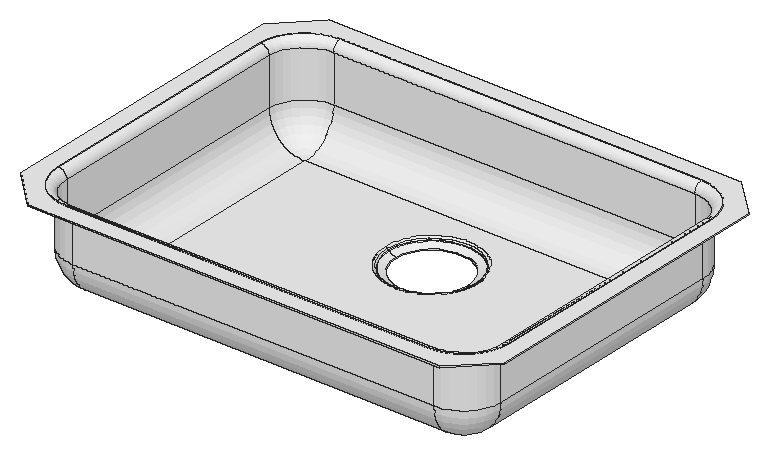
Revit family "ELUHAD211545", category Plumbing Fixtures, Revit 2019
Family settings
  Round Connector Dimension = Use Radius
  Part Type = Normal
  OmniClass Number = 23.45.05.14.14.27
  OmniClass Title = Service Sinks
  Work Plane-Based = No
  Always vertical = Yes
  Cut with Voids When Loaded = No
  Shared = No
  Room Calculation Point = No
Parameters (values of type "ELUHAD211545")
  URL = "www.elkayusa.com"
  Template Included = "Yes"
  Specification Sheet URL = ""
  Sound Deadening = "Bottom only pads"
  Sink Width = 1' - 6 1/4"
  Sink Material = Metal - Steel - Stainless - Chrome
  Sink Length = 1' - 11 1/2"
  Sink Ledge Sides Width = Sink Ledge Corner Width  # 0' - 1 1/4"
  Sink Ledge Front Width = Sink Ledge Corner Width  # 0' - 1 1/4"
  Sink Ledge Corner Width = 0' - 1 1/4"  # constant formula
  Sink Ledge Back Width = Sink Ledge Corner Width  # 0' - 1 1/4"
  Sink Dimensions = "23 1/2 inch x 18-1/4 inch x 4-3/8 inch"
  Sink Depth = 0' - 4 3/8"
  Sanitary Flow Rate = 10 GPM
  OmniClass Title = "Service Sinks"
  OmniClass Code = "23.45.05.14.14.27"
  Number of Bowls = "1"
  Nominal Radius = Nominal Dia / 2  # 0' - 0 3/4"
  Nominal Dia = 0' - 1 1/2"
  Mounting Hardware = "Undermount brackets sold separately"
  Model Number = ""
  Model = "Lustertone Undermount"
  Minimum Cabinet Size = "27 inch"
  Material = "304 Stainless Steel"
  MasterFormat Title = "Commercial Sinks"
  MasterFormat Number = "22.42.16.16"
  Manufacturer = "Elkay Manufacturing"
  Installation Type = "Undermount"
  Gauge = "18"
  Finish = "Lustrous Satin"
  Drain Size = "3-1/2 inch (89mm)"
  Drain Locations = "Rear Center"
  Drain Location = 0' - 5"
  Description = "Lustertone Single Bowl Sink"
  Deep Specification Sheet URL = ""
  Date Created = "10082021"  # constant formula
  Cutout Template # = "1000001400"
  CL Sink to CL Drain = 0' - 0"
  Bowl Width = (Sink Width - Sink Ledge Front Width - Sink Ledge Back Width)  # 1' - 3 3/4"
  Bowl Length = Sink Length - Sink Ledge Sides Width - Sink Ledge Sides Width  # 1' - 9"
  Bowl 1 Dimensions = "21 inch x 15-3/4 inch x 4-3/8 inch"
  Assembly Code = "D2010410"
Reference planes (in)
  plane 1 "CL Sink Hole": y = 2.875
  plane 2 "Top": z = 0
  plane 3 "Center (Left/Right)": x = 0
  plane 4 "Basin Edge Left": x = -10.5
  plane 5 "Basin Edge Right": x = 10.5
  plane 6 "Basin Edge Back": y = 7.875
  plane 7 "Basin Edge Front": y = -7.875
  plane 8 "Left": x = -11.75
  plane 9 "Right": x = 11.75
  plane 10 "Back": y = 9.125
  plane 11 "Front": y = -9.125
  plane 12 "Sink Angle Right": x = 9.28553
  plane 13 "Sink Angle Back": y = 6.66053
  plane 14 "Sink Angle Left": x = -9.28553
  plane 15 "Sink Angle Front": y = -6.66053
  plane 16 "Edge Radii Right": x = 10.92188
  plane 17 "Edge of Radii Left": x = -10.92187
  plane 18 "Sink Bowl Bottom (Top Face)": z = -4.375
  plane 19 "Sink Top Piece Bottom Face": z = -0.0625
  plane 20 "Top Radius Corner Prot": z = -0.42188
  plane 21: z = -2.6875
  plane 22 "Sink Bowl Bottom (Bottom Face)": z = -4.4375
  plane 23 "Left Sink Bottom Piece Left Edge": x = -8.8125
  plane 24 "Sink Bottom Piece Right Edge": x = 8.8125
  plane 25 "Sink Bottom Piece Back Edge": y = 6.1875
  plane 26 "Sink Bottom Piece Front Edge": y = -6.1875
  plane 27 "Center (Front/Back)": y = 0
  plane 28 "Bowl CL Drain": x = 0
  plane 29 "Edge Radii Front": y = -8.29687
  plane 30 "Right Sink Right Edge Radius": x = 8.75
  plane 31 "Front Edge Bottom Edge Radius": y = -6.125
  plane 32 "Back Edge Bottom Edge Radius": y = 6.125
  plane 33 "Edge Radii Back": y = 8.29687
  plane 34 "Left Bowl Bottom Edge Radius": x = -8.75
  plane 35 "Masking Region": z = 1.25157
  plane 36 "Sink Drain Elev Bottom": z = -5.875
  plane 37 "Sink Drain Elev Top": z = -5.625
  plane 38 "Top Radius Elev - 1-8": z = -0.10938
  plane 39 "Top Radius 1-8 Front": y = -7.98438
  plane 40 "Top Radius 1-8 Left": x = -10.60937
  plane 41 "Top Radius 1-8 Right": x = 10.60938
  plane 42 "Top Radius 1-8 Back": y = 7.98437
  plane 43 "Inside Radius Tangent Right": x = 9.47487
  plane 44 "Inside Radius Tangent Back": y = 6.84987
  plane 45 "Inside Radius Tangent Front": y = -6.84987
  plane 46 "Inside Radius Tangent Left": x = -9.47487
Forms (in)
  Extrusion 1, solid, material "Metal - Steel - Stainless - Chrome" <- "Sink Material"
    sketch origin (0, 0, 0) x (1, 0, 0) y (0, 1, 0)
      loop
        line (11.75, 7.36764) -> (9.99264, 9.125) -> (-9.99264, 9.125) -> (-11.75, 7.36764) -> (-11.75, -7.36764) -> (-9.99264, -9.125) -> (9.99264, -9.125) -> (11.75, -7.36764) -> (11.75, 7.36764)
      loop
        arc (-8.75, 8.29687) -> (-10.28575, 7.66075) -> (-10.92187, 6.125) r 2.17187
        line (-10.92187, 6.125) -> (-10.92188, -6.125)
        arc (-10.92188, -6.125) -> (-10.28575, -7.66075) -> (-8.75, -8.29688) r 2.17188
        line (-8.75, -8.29688) -> (8.75, -8.29688)
        arc (8.75, -8.29688) -> (10.28575, -7.66075) -> (10.92188, -6.125) r 2.17188
        line (10.92188, -6.125) -> (10.92188, 6.125)
        arc (10.92188, 6.125) -> (10.28575, 7.66075) -> (8.75, 8.29687) r 2.17188
        line (8.75, 8.29687) -> (-8.75, 8.29687)
    from -0.0625 to 0
  Extrusion 2, solid, material "Metal - Steel - Stainless - Chrome" <- "Sink Material"
    sketch origin (0, 0, 0) x (1, 0, 0) y (0, 1, 0)
      loop
        arc (-8.75, 6.1875) -> (-8.79419, 6.16919) -> (-8.8125, 6.125) r 0.0625
        line (-8.8125, 6.125) -> (-8.8125, -6.125)
        arc (-8.8125, -6.125) -> (-8.79419, -6.16919) -> (-8.75, -6.1875) r 0.0625
        line (-8.75, -6.1875) -> (8.75, -6.1875)
        arc (8.75, -6.1875) -> (8.79419, -6.16919) -> (8.8125, -6.125) r 0.0625
        line (8.8125, -6.125) -> (8.8125, 6.125)
        arc (8.8125, 6.125) -> (8.79419, 6.16919) -> (8.75, 6.1875) r 0.0625
        line (8.75, 6.1875) -> (-8.75, 6.1875)
      loop
        circle (0, 2.875) r 2.25
    from -4.4375 to -4.375
  Sweep 3, solid, material "Metal - Steel - Stainless - Chrome" <- "Sink Material"
    path origin (14.75, 0, -4.375) x (-1, 0, 0) y (0, -1, 0)
      loop
        circle (14.75, -2.875) r 2.25
    profile "profile-elkay-sink-hole-3 : profile-elkay-sink-hole-3" origin (0, 0.625, -4.375) x (0, 1, 0) y (0, 0, 1)
      loop
        line (0.5, -0.29111) -> (0.15646, -0.13437)
        arc (0.15646, -0.13437) -> (0.14249, -0.12559) -> (0.13131, -0.11346) r 0.0625
        line (0.13131, -0.11346) -> (0.08817, -0.05226)
        arc (0.08817, -0.05226) -> (0.05064, -0.01507) -> (0, 0) r 0.1086
        line (0, 0) -> (0, -0.04618)
        arc (0, -0.04618) -> (0.02621, -0.05419) -> (0.04646, -0.07265) r 0.0625
        line (0.04646, -0.07265) -> (0.09341, -0.13969)
        arc (0.09341, -0.13969) -> (0.11294, -0.16097) -> (0.13739, -0.17634) r 0.1086
        line (0.13739, -0.17634) -> (0.5, -0.34178) -> (0.5, -0.29111)
  Sweep 4, solid, material "Metal - Steel - Stainless - Chrome" <- "Sink Material"
    path origin (0, 0, 0) x (1, 0, 0) y (0, 1, 0)
      loop
        line (-8.75, -7.875) -> (8.75, -7.875)
        arc (8.75, -7.875) -> (9.98744, -7.36244) -> (10.5, -6.125) r 1.75
        line (10.5, -6.125) -> (10.5, 6.125)
        arc (10.5, 6.125) -> (9.98744, 7.36244) -> (8.75, 7.875) r 1.75
        line (8.75, 7.875) -> (-8.75, 7.875)
        arc (-8.75, 7.875) -> (-9.98744, 7.36244) -> (-10.5, 6.125) r 1.75
        line (-10.5, 6.125) -> (-10.5, -6.125)
        arc (-10.5, -6.125) -> (-9.98744, -7.36244) -> (-8.75, -7.875) r 1.75
    profile origin (0, -7.875, 0) x (0, 1, 0) y (0, 0, 1)
      loop
        arc (0, -0.42187) -> (-0.12356, -0.12356) -> (-0.42187, 0) r 0.42188
        line (-0.42187, 0) -> (-0.42187, -0.0625)
        arc (-0.42187, -0.0625) -> (-0.16776, -0.16776) -> (-0.0625, -0.42187) r 0.35938
        line (-0.0625, -0.42187) -> (-0.0625, -2.6875)
        arc (-0.0625, -2.6875) -> (0.45006, -3.92494) -> (1.6875, -4.4375) r 1.75
        line (1.6875, -4.4375) -> (1.6875, -4.375)
        arc (1.6875, -4.375) -> (0.49426, -3.88074) -> (0, -2.6875) r 1.6875
        line (0, -2.6875) -> (0, -0.42187)
  Extrusion 5, solid, material "Glass", not visible
    sketch origin (0, 0, -5.625) x (0, -1, 0) y (1, 0, 0)
      loop
        circle (-2.875, 0) r 0.75
    from -0.25 to 0
Cuts and joins
  joined: Extrusion 2, Sweep 3, Sweep 4
Lines and regions (in)
  Masking region 1
    outline origin (0, 0, 0) x (1, 0, 0) y (0, 1, 0)
      loop
        line (-10.92187, 6.125) -> (-10.92187, -6.125)
        arc (-10.92187, -6.125) -> (-10.28575, -7.66075) -> (-8.75, -8.29688) r 2.17188
        line (-8.75, -8.29688) -> (8.75, -8.29688)
        arc (8.75, -8.29688) -> (10.28575, -7.66075) -> (10.92188, -6.125) r 2.17188
        line (10.92188, -6.125) -> (10.92188, 6.125)
        arc (10.92188, 6.125) -> (10.28575, 7.66075) -> (8.75, 8.29687) r 2.17188
        line (8.75, 8.29687) -> (-8.75, 8.29687)
        arc (-8.75, 8.29687) -> (-10.28575, 7.66075) -> (-10.92187, 6.125) r 2.17187
  reference lines, not visible
    curve 1: arc (-0.625, 2.875, -2.6875) -> (-1.11926, 2.875, -3.88074) -> (-2.3125, 2.875, -4.375) r 1.6875
    curve 2: arc (-10.5, 2.875, -2.6875) -> (-10.00574, 2.875, -3.88074) -> (-8.8125, 2.875, -4.375) r 1.6875
    curve 3: arc (-0.625, 2.875, -0.42188) -> (-0.50144, 2.875, -0.12356) -> (-0.20313, 2.875, 0) r 0.42188
    curve 4: arc (0, -6.1875, -4.375) -> (0, -7.38074, -3.88074) -> (0, -7.875, -2.6875) r 1.6875
    curve 5: arc (0, -7.875, -0.42188) -> (0, -7.99856, -0.12356) -> (0, -8.29688, 0) r 0.42188
    curve 6: arc (8.8125, 6.125, 0) -> (8.79419, 6.16919, 0) -> (8.75, 6.1875, 0) r 0.0625
    curve 7: arc (8.8125, -6.125, 0) -> (8.79419, -6.16919, 0) -> (8.75, -6.1875, 0) r 0.0625
    curve 8: arc (10.5, 6.125, 1.25157) -> (9.98744, 7.36244, 1.25157) -> (8.75, 7.875, 1.25157) r 1.75
    curve 9: arc (10.5, -6.125, 1.25157) -> (9.98744, -7.36244, 1.25157) -> (8.75, -7.875, 1.25157) r 1.75
    curve 12: arc (-8.75, -6.1875, 0) -> (-8.79419, -6.16919, 0) -> (-8.8125, -6.125, 0) r 0.0625
    curve 13: arc (-8.75, 6.1875, 0) -> (-8.79419, 6.16919, 0) -> (-8.8125, 6.125, 0) r 0.0625
    curve 16: arc (-9.942, 7.40626, 1.25157) -> (-10.35445, 6.82375, 1.25157) -> (-10.5, 6.125, 1.25157) r 1.75
    curve 17: arc (-10.5, -6.125, 1.25157) -> (-9.98744, -7.36244, 1.25157) -> (-8.75, -7.875, 1.25157) r 1.75
    curve 18: circle (0, 2.875, -5.875) r 0.75 normal (0, 0, 1)
    curve 20: circle (0, 2.875, -4.375) r 1.75 normal (0, 0, 1)
    curve 29: arc (-8.75, 9, 1.25157) -> (-10.78293, 8.15793, 1.25157) -> (-11.625, 6.125, 1.25157) r 2.875
    curve 30: arc (11.25, 6.125, 1.25157) -> (10.51777, 7.89277, 1.25157) -> (8.75, 8.625, 1.25157) r 2.5
    curve 31: line (-9.47487, 7.875, 0) -> (-10.5, 6.84987, 0)
    curve 32: line (9.47487, 7.875, 0) -> (10.5, 6.84987, 0)
    curve 33: line (9.59745, 9.52019, 0) -> (12.19376, 6.92388, 0)
    curve 34: line (10.5, -6.84987, 0) -> (9.47487, -7.875, 0)
    curve 35: line (12.16329, -6.95436, 0) -> (9.61612, -9.50152, 0)
    curve 36: line (-10.5, -6.84987, 0) -> (-9.47487, -7.875, 0)
    curve 37: line (-12.34102, -6.77663, 0) -> (-9.89647, -9.22117, 0)
    curve 38: line (-9.54997, 9.56767, 0) -> (-12.15098, 6.96666, 0)
  reference lines
    curve 10: arc (10.92188, 6.125, 0) -> (10.28575, 7.66075, 0) -> (8.75, 8.29687, 0) r 2.17188
    curve 11: arc (-8.75, -8.29688, 0) -> (-10.28575, -7.66075, 0) -> (-10.92188, -6.125, 0) r 2.17188
    curve 14: arc (-8.75, 8.29687, 0) -> (-10.28575, 7.66075, 0) -> (-10.92187, 6.125, 0) r 2.17187
    curve 15: arc (10.92188, -6.125, 0) -> (10.28575, -7.66075, 0) -> (8.75, -8.29688, 0) r 2.17188
    curve 19: circle (0, 2.875, -4.375) r 2.25 normal (0, 0, 1)
    curve 21: circle (0, 2.875, -4.375) r 2.25 normal (0, 0, 1)
    curve 24: arc (0, -7.875, -0.10938) -> (0, -7.90704, -0.03204) -> (0, -7.98438, 0) r 0.10938
    curve 25: arc (10.60938, 6.125, 0) -> (10.06478, 7.43978, 0) -> (8.75, 7.98437, 0) r 1.85938
    curve 26: arc (-8.75, 7.98437, 0) -> (-10.06478, 7.43978, 0) -> (-10.60938, 6.125, 0) r 1.85938
    curve 27: arc (-8.75, -7.98438, 0) -> (-10.06478, -7.43978, 0) -> (-10.60938, -6.125, 0) r 1.85938
    curve 28: arc (10.60938, -6.125, 0) -> (10.06478, -7.43978, 0) -> (8.75, -7.98438, 0) r 1.85938
  symbolic lines, style "Sinks"
    curve 22: circle (0, 2.875, -4.375) r 2.25 normal (0, 0, 1)
    curve 23: circle (0, 2.875, -4.375) r 1.75 normal (0, 0, 1)
    curve 39: line (-8.75, 7.875, 0) -> (8.75, 7.875, 0)
    curve 40: line (10.5, 6.125, 0) -> (10.5, -6.125, 0)
    curve 41: line (-8.75, -7.875, 0) -> (8.75, -7.875, 0)
    curve 42: line (-10.5, 6.125, 0) -> (-10.5, -6.125, 0)
    curve 43: arc (10.5, 6.125, 0) -> (9.98744, 7.36244, 0) -> (8.75, 7.875, 0) r 1.75
    curve 44: arc (-8.75, 7.875, 0) -> (-9.98744, 7.36244, 0) -> (-10.5, 6.125, 0) r 1.75
    curve 45: arc (-10.5, -6.125, 0) -> (-9.98744, -7.36244, 0) -> (-8.75, -7.875, 0) r 1.75
    curve 46: arc (10.5, -6.125, 0) -> (9.98744, -7.36244, 0) -> (8.75, -7.875, 0) r 1.75
Dimensions and locks (in)
  "Sink Ledge Sides Width": plane 8 "Left" to plane 4 "Basin Edge Left"
  "Sink Ledge Sides Width": plane 5 "Basin Edge Right" to plane 9 "Right"
  "Sink Length": plane 8 "Left" to plane 9 "Right"
  "Drain Location": plane 6 "Basin Edge Back" to plane 1 "CL Sink Hole"
  "Sink Ledge Back Width": plane 10 "Back" to plane 6 "Basin Edge Back"
  "Sink Ledge Front Width": plane 7 "Basin Edge Front" to plane 11 "Front"
  plane 12 "Sink Angle Right" to plane 9 "Right" = 0' - 2.46447"
  plane 10 "Back" to plane 13 "Sink Angle Back" = 0' - 2.46447"
  plane 8 "Left" to plane 14 "Sink Angle Left" = 0' - 2.46447"
  plane 15 "Sink Angle Front" to plane 11 "Front" = 0' - 2.46447"
  "Sink Width": plane 10 "Back" to plane 11 "Front"
  locked: plane 17 "Edge of Radii Left" to plane 4 "Basin Edge Left" at 0.42188
  locked: plane 26 "Sink Bottom Piece Front Edge" to plane 7 "Basin Edge Front" at 1.6875
  locked: plane 4 "Basin Edge Left" to plane 23 "Left Sink Bottom Piece Left Edge" at 1.6875
  locked: plane 24 "Sink Bottom Piece Right Edge" to plane 5 "Basin Edge Right" at 1.6875
  locked: plane 6 "Basin Edge Back" to plane 25 "Sink Bottom Piece Back Edge" at 1.6875
  locked: plane 5 "Basin Edge Right" to plane 16 "Edge Radii Right" at 0.42188
  equal spacing: plane 10 "Back", plane 27 "Center (Front/Back)", plane 11 "Front"
  equal spacing: plane 8 "Left", plane 3 "Center (Left/Right)", plane 9 "Right"
  "CL Sink to CL Drain": plane 3 "Center (Left/Right)" to plane 28 "Bowl CL Drain"
  locked: plane 30 "Right Sink Right Edge Radius" to plane 24 "Sink Bottom Piece Right Edge" at 0.0625
  locked: plane 31 "Front Edge Bottom Edge Radius" to plane 26 "Sink Bottom Piece Front Edge" at 0.0625
  locked: plane 25 "Sink Bottom Piece Back Edge" to plane 32 "Back Edge Bottom Edge Radius" at 0.0625
  locked: plane 33 "Edge Radii Back" to plane 6 "Basin Edge Back" at 0.42188
  locked: plane 7 "Basin Edge Front" to plane 29 "Edge Radii Front" at 0.42187
  locked: plane 23 "Left Sink Bottom Piece Left Edge" to plane 34 "Left Bowl Bottom Edge Radius" at 0.0625
  "Sink Depth": plane 2 "Top" to plane 18 "Sink Bowl Bottom (Top Face)"
  locked: plane 2 "Top" to plane 20 "Top Radius Corner Prot" at 0.42188
  locked: plane 2 "Top" to plane 19 "Sink Top Piece Bottom Face" at 0.0625
  locked: plane 21 to plane 18 "Sink Bowl Bottom (Top Face)" at 1.6875
  locked: plane 18 "Sink Bowl Bottom (Top Face)" to plane 22 "Sink Bowl Bottom (Bottom Face)" at 0.0625
  locked: plane 35 "Masking Region" to plane 2 "Top" at 1.25157
  locked: plane 18 "Sink Bowl Bottom (Top Face)" to plane 36 "Sink Drain Elev Bottom" at 1.5
  locked: plane 37 "Sink Drain Elev Top" to plane 36 "Sink Drain Elev Bottom" at 0.25
  locked: plane 39 "Top Radius 1-8 Front" to plane 7 "Basin Edge Front" at 0.10938
  locked: plane 2 "Top" to plane 38 "Top Radius Elev - 1-8" at 0.10938
  locked: plane 40 "Top Radius 1-8 Left" to plane 4 "Basin Edge Left" at 0.10938
  locked: plane 5 "Basin Edge Right" to plane 41 "Top Radius 1-8 Right" at 0.10938
  locked: plane 42 "Top Radius 1-8 Back" to plane 6 "Basin Edge Back" at 0.10938
  locked: plane 32 "Back Edge Bottom Edge Radius" to plane 44 "Inside Radius Tangent Back" at 0.72487
  locked: plane 30 "Right Sink Right Edge Radius" to plane 43 "Inside Radius Tangent Right" at 0.72487
  locked: plane 45 "Inside Radius Tangent Front" to plane 31 "Front Edge Bottom Edge Radius" at 0.72487
  locked: plane 46 "Inside Radius Tangent Left" to plane 34 "Left Bowl Bottom Edge Radius" at 0.72487
  "Sink Ledge Corner Width": curve 32 to curve 33
  "Sink Ledge Corner Width": curve 34 to curve 35
  "Sink Ledge Corner Width": curve 37 to curve 36
  "Sink Ledge Corner Width": curve 38 to curve 31
  plane 10 "Back" to plane 11 "Front" = 1' - 6 1/4"
  plane 8 "Left" to plane 9 "Right" = 1' - 11 1/2"
  plane 1 "CL Sink Hole" to curve 39 = 0' - 5"
  "Nominal Radius": radius of curve 18
  aligned: Extrusion 1 to plane 19 "Sink Top Piece Bottom Face"
  aligned: Extrusion 2 to plane 18 "Sink Bowl Bottom (Top Face)"
  aligned and locked: Extrusion 2 to plane 22 "Sink Bowl Bottom (Bottom Face)"
  aligned and locked: plane 18 "Sink Bowl Bottom (Top Face)" to Extrusion 2
  aligned and locked: Extrusion 2 sketch curve to curve 7
  aligned and locked: Extrusion 2 sketch curve to curve 6
  aligned and locked: Sweep 4 sketch curve to curve 8
  aligned and locked: Sweep 4 sketch curve to curve 9
  aligned and locked: Sweep 4 sketch curve to curve 4
  aligned and locked: Extrusion 1 sketch curve to plane 9 "Right"
  aligned and locked: Extrusion 1 sketch curve to plane 10 "Back"
  aligned and locked: Extrusion 1 sketch curve to plane 8 "Left"
  aligned and locked: Extrusion 1 sketch curve to plane 11 "Front"
  aligned and locked: plane 2 "Top" to Extrusion 1
  aligned and locked: Extrusion 1 to plane 19 "Sink Top Piece Bottom Face"
  aligned and locked: Extrusion 5 sketch curve to curve 18
  aligned and locked: Extrusion 5 to plane 36 "Sink Drain Elev Bottom"
  aligned and locked: plane 37 "Sink Drain Elev Top" to Extrusion 5
  aligned and locked: Sweep 4 sketch curve to curve 16
  aligned and locked: Sweep 4 sketch curve to curve 17
  aligned and locked: Extrusion 2 sketch curve to curve 13
  aligned and locked: Extrusion 2 sketch curve to curve 12
  aligned and locked: Sweep 3 sketch curve to curve 19
  aligned and locked: Extrusion 2 sketch curve to curve 19
  aligned and locked: curve 22 to curve 21
  aligned and locked: curve 23 to curve 20
  aligned and locked: curve 33 to Extrusion 1 sketch curve
  aligned and locked: curve 35 to Extrusion 1 sketch curve
  aligned and locked: curve 37 to Extrusion 1 sketch curve
  aligned and locked: curve 38 to Extrusion 1 sketch curve
  aligned and locked: Masking region 1 sketch curve to curve 10
  aligned and locked: Masking region 1 sketch curve to curve 14
  aligned and locked: Masking region 1 sketch curve to curve 11
  aligned and locked: Masking region 1 sketch curve to curve 15
  aligned and locked: curve 43 to curve 8
  aligned and locked: curve 44 to curve 16
  aligned and locked: curve 45 to curve 17
  aligned and locked: curve 46 to curve 9
  aligned and locked: Sweep 4 sketch curve to curve 5
  aligned and locked: Sweep 4 sketch curve to plane 29 "Edge Radii Front"
  aligned and locked: Extrusion 1 sketch curve to curve 14
  aligned and locked: Extrusion 1 sketch curve to curve 11
  aligned and locked: Extrusion 1 sketch curve to curve 15
  aligned and locked: Extrusion 1 sketch curve to curve 10
Automatic sketch dimensions
  curve 2 to plane 4 "Basin Edge Left" = 0' - 0"
  curve 2 to plane 21 = 0' - 0"
  curve 2 to plane 23 "Left Sink Bottom Piece Left Edge" = 0' - 0"
  curve 1 to plane 18 "Sink Bowl Bottom (Top Face)" = 0' - 0"
  curve 3 to plane 20 "Top Radius Corner Prot" = 0' - 0"
  curve 1 to plane 21 = 0' - 0"
  plane 1 "CL Sink Hole" to curve 18 = 0' - 0"
  curve 18 to plane 28 "Bowl CL Drain" = 0' - 0"
  curve 3 to level = 0' - 0"
  curve 1 to plane 3 "Center (Left/Right)" = 0' - 2 5/16"
  curve 3 to plane 3 "Center (Left/Right)" = 0' - 0 5/8"
  curve 19 to curve 20 = 0' - 0"  (x2)
  curve 19 to curve 21 = 0' - 0"  (x2)
  curve 20 to curve 21 = 0' - 0"  (x2)
  plane 1 "CL Sink Hole" to curve 20 = 0' - 0"
  curve 20 to plane 28 "Bowl CL Drain" = 0' - 0"
  curve 8 to plane 5 "Basin Edge Right" = 0' - 0"
  curve 16 to plane 4 "Basin Edge Left" = 0' - 0"
  curve 17 to plane 4 "Basin Edge Left" = 0' - 0"
  curve 9 to plane 5 "Basin Edge Right" = 0' - 0"
  curve 5 to level = 0' - 0"
  curve 5 to plane 29 "Edge Radii Front" = 0' - 0"
  curve 24 to plane 38 "Top Radius Elev - 1-8" = 0' - 0"
  curve 24 to plane 39 "Top Radius 1-8 Front" = 0' - 0"
  curve 5 to plane 7 "Basin Edge Front" = 0' - 0"
  curve 4 to plane 7 "Basin Edge Front" = 0' - 0"
  curve 24 to plane 7 "Basin Edge Front" = 0' - 0"
  curve 4 to plane 21 = 0' - 0"
  curve 4 to plane 26 "Sink Bottom Piece Front Edge" = 0' - 0"
  Sweep 4 sketch curve to Sweep 4 sketch curve = 0' - 0"  (x2)
  curve 8 to curve 30 = 0' - 0"  (x4)
  plane 5 "Basin Edge Right" to curve 30 = 0' - 0 3/4"
  curve 6 to curve 10 = 0' - 0"  (x2)
  curve 6 to curve 25 = 0' - 0"  (x2)
  curve 7 to curve 15 = 0' - 0"  (x2)
  curve 7 to curve 28 = 0' - 0"  (x2)
  curve 10 to curve 25 = 0' - 0"  (x2)
  curve 11 to curve 12 = 0' - 0"  (x2)
  curve 11 to curve 27 = 0' - 0"  (x2)
  curve 12 to curve 27 = 0' - 0"  (x2)
  curve 13 to curve 14 = 0' - 0"  (x2)
  curve 13 to curve 26 = 0' - 0"  (x2)
  curve 14 to curve 26 = 0' - 0"  (x2)
  curve 15 to curve 28 = 0' - 0"  (x2)
  curve 14 to plane 17 "Edge of Radii Left" = 0' - 0"
  curve 11 to plane 17 "Edge of Radii Left" = 0' - 0"
  plane 32 "Back Edge Bottom Edge Radius" to curve 26 = 0' - 0"
  curve 26 to plane 40 "Top Radius 1-8 Left" = 0' - 0"
  plane 31 "Front Edge Bottom Edge Radius" to curve 27 = 0' - 0"
  curve 27 to plane 40 "Top Radius 1-8 Left" = 0' - 0"
  curve 31 to plane 4 "Basin Edge Left" = 0' - 0"
  curve 36 to plane 4 "Basin Edge Left" = 0' - 0"
  curve 31 to plane 6 "Basin Edge Back" = 0' - 0"
  curve 31 to plane 46 "Inside Radius Tangent Left" = 0' - 0"
  curve 36 to plane 7 "Basin Edge Front" = 0' - 0"
  curve 36 to plane 46 "Inside Radius Tangent Left" = 0' - 0"
  curve 12 to plane 23 "Left Sink Bottom Piece Left Edge" = 0' - 0"
  curve 13 to plane 23 "Left Sink Bottom Piece Left Edge" = 0' - 0"
  curve 13 to plane 34 "Left Bowl Bottom Edge Radius" = 0' - 0"
  curve 12 to plane 26 "Sink Bottom Piece Front Edge" = 0' - 0"
  curve 25 to plane 30 "Right Sink Right Edge Radius" = 0' - 0"
  curve 15 to plane 29 "Edge Radii Front" = 0' - 0"
  curve 15 to plane 30 "Right Sink Right Edge Radius" = 0' - 0"
  curve 7 to plane 24 "Sink Bottom Piece Right Edge" = 0' - 0"
  curve 6 to plane 24 "Sink Bottom Piece Right Edge" = 0' - 0"
  curve 34 to plane 7 "Basin Edge Front" = 0' - 0"
  curve 34 to plane 43 "Inside Radius Tangent Right" = 0' - 0"
  curve 32 to plane 6 "Basin Edge Back" = 0' - 0"
  curve 32 to plane 43 "Inside Radius Tangent Right" = 0' - 0"
  curve 34 to plane 5 "Basin Edge Right" = 0' - 0"
  curve 32 to plane 5 "Basin Edge Right" = 0' - 0"
  plane 32 "Back Edge Bottom Edge Radius" to curve 25 = 0' - 0"
  curve 25 to plane 41 "Top Radius 1-8 Right" = 0' - 0"
  plane 31 "Front Edge Bottom Edge Radius" to curve 28 = 0' - 0"
  curve 28 to plane 41 "Top Radius 1-8 Right" = 0' - 0"
  curve 10 to plane 16 "Edge Radii Right" = 0' - 0"
  plane 45 "Inside Radius Tangent Front" to curve 34 = 0' - 0"
  plane 45 "Inside Radius Tangent Front" to curve 36 = 0' - 0"
  curve 32 to plane 44 "Inside Radius Tangent Back" = 0' - 0"
  curve 31 to plane 44 "Inside Radius Tangent Back" = 0' - 0"
  plane 44 "Inside Radius Tangent Back" to curve 38 = 0' - 0.11679"
  curve 37 to plane 45 "Inside Radius Tangent Front" = 0' - 0.07325"
  curve 37 to plane 11 "Front" = 0' - 0.09617"
  curve 38 to plane 46 "Inside Radius Tangent Left" = 0' - 0.0751"
  curve 33 to plane 43 "Inside Radius Tangent Right" = 0' - 0.12257"
  curve 35 to plane 43 "Inside Radius Tangent Right" = 0' - 0.14124"
  plane 45 "Inside Radius Tangent Front" to curve 35 = 0' - 0.10448"
  plane 44 "Inside Radius Tangent Back" to curve 33 = 0' - 0.074"
  curve 16 to curve 29 = 0' - 0"  (x2)
  plane 32 "Back Edge Bottom Edge Radius" to curve 16 = 0' - 0"
  curve 16 to plane 34 "Left Bowl Bottom Edge Radius" = 0' - 0"
  curve 16 to plane 46 "Inside Radius Tangent Left" = 0' - 0.46713"
  plane 8 "Left" to curve 29 = 0' - 0 1/8"
  plane 31 "Front Edge Bottom Edge Radius" to curve 17 = 0' - 0"
  curve 17 to plane 34 "Left Bowl Bottom Edge Radius" = 0' - 0"
  curve 9 to plane 7 "Basin Edge Front" = 0' - 0"
  curve 9 to plane 30 "Right Sink Right Edge Radius" = 0' - 0"
  curve 8 to plane 6 "Basin Edge Back" = 0' - 0"
  curve 8 to plane 30 "Right Sink Right Edge Radius" = 0' - 0"
  profile plane to Sweep 4 sketch curve = 0' - 0 1/16"
  radius of curve 19 = 0' - 2 1/4"
  radius of curve 20 = 0' - 1 3/4"
  radius of curve 21 = 0' - 2 1/4"
Connectors (in)
  piping at (0, 2.875, -5.625), diameter 1.5, driven by "Nominal Radius", driven by "Sanitary Flow Rate"
    settings: on Extrusion 5, index 2, connector inside diameter 1 1/2", connector length 0' - 0", flow factor 0, pipe flow 10 GPM, pressure drop 0.00 psi, fitting loss kfactor 0, connector angle 0.00°, fixture units 0, engagement length 0' - 0", angle of deflection 0.00°, flow configuration 1, flow direction 2, fitting loss method 0, system type 16, joint type 0, gender type 0, connector reference index -1, connector utility 0, adjustable connector yes, is connector primary yes, connector description "Sink Drain Right"
